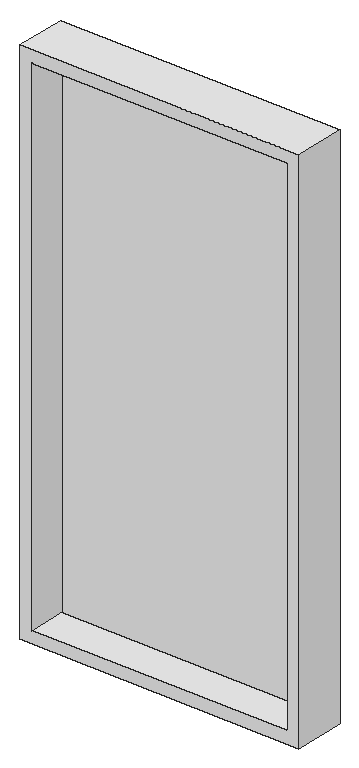
Revit family
Parameters (values of type "2100x1100 mm")
  프레임 = ""
  철물 = ""
  Assembly Code = ""
  유리/마감 = ""
  위치/개소 = ""
  부호 = "3/WD"
  문 틀 = 문 틀(2)
  문번호 = "3"
  문기호 = "WD"
  문 = 문(3)
  Height = 2100 mm
  Wall Closure = (empty or 0)
  Width = 1100 mm
Types (3, lengths in mm): name | 부호 | 문 틀 | 문번호 | Width
  2100x1100 mm | "3/WD" | 문 틀(2) | "3" | 1100
  2100x750 mm | "1/WD" | 문(3) | "1" | 750
  2100x900 mm | "2/WD" | 문 틀(2) | "2" | 900
Reference planes
  plane 1: y = 0
  plane 2 "중심(왼쪽/오른쪽)": x = 0
  plane 3 "왼쪽": x = -550
  plane 4 "오른쪽": x = 550
  plane 5: z = 2100
  plane 6 "외부": y = 100
  plane 7 "내부": y = -100
  plane 8: y = 50
  plane 9: x = -520
  plane 10: x = 520
  plane 11: x = -505
  plane 12: x = 505
  plane 13: x = -650
  plane 14: x = 650
  plane 15: z = 2400
  plane 16: z = -300
  plane 17: z = 1000
  plane 18: x = -245
Forms (mm)
  Sweep 1, solid, material "문 틀(2)" <- "문 틀"
    path origin (0, 100, 0) x (1, 0, 0) y (0, 0, 1)
      loop
        line (550, 0) -> (550, 2100) -> (-550, 2100) -> (-550, 0) -> (550, 0)
    profile origin (550, 100, 1050) x (-1, 0, 0) y (0, -1, 0)
      loop
        line (0, 0) -> (30, 0) -> (30, 50) -> (45, 50) -> (45, 200) -> (0, 200) -> (0, 0)
  Extrusion 2, solid, material "문(3)" <- "문"
    sketch origin (0, 0, 0) x (1, 0, 0) y (0, 1, 0)
      loop
        line (520, 100) -> (-520, 100) -> (-520, 50) -> (520, 50) -> (520, 100)
    from 0 to 2070
Lines and regions (mm)
  Opening 1
    outline origin (-3050, -100, 0) x (1, 0, 0) y (0, 0, 1)
      loop
        line (2500, 0) -> (3600, 0) -> (3600, 2100) -> (2500, 2100) -> (2500, 0)
  symbolic lines, style "평면 스윙"
    curve 1: line (-520, 100, 30) -> (520, 100, 1050)
    curve 2: line (520, 100, 1050) -> (-520, 100, 2070)
  symbolic lines, style "입면도 스윙"
    curve 3: line (520, 100, 0) -> (520, 1140.461, 0)
    curve 4: line (460, 100, 0) -> (460, 1140.461, 0)
    curve 5: line (460, 1140.461, 0) -> (520, 1140.461, 0)
    curve 6: arc (-516.592, 100, 0) -> (-234.892, 814.144, 0) -> (460, 1140.461, 0) r 1039.999
    curve 18: circle (-245, 100, 1000) r 25 normal (0, 1, 0)
  symbolic lines, style "DoorsOpeningProjection"
    curve 7: line (550, 100, -300) -> (550, 100, 2400)
    curve 8: line (-550, 100, 2400) -> (-550, 100, -300)
    curve 9: line (-650, 100, 0) -> (650, 100, 0)
    curve 10: line (650, 100, 2100) -> (-650, 100, 2100)
    curve 11: line (-555, 100, 2105) -> (-555, 100, 0)
    curve 12: line (-545, 100, 2095) -> (-545, 100, 5)
    curve 13: line (545, 100, 2095) -> (-545, 100, 2095)
    curve 14: line (555, 100, 2105) -> (-555, 100, 2105)
    curve 15: line (-545, 100, 5) -> (545, 100, 5)
    curve 16: line (545, 100, 5) -> (545, 100, 2095)
    curve 17: line (555, 100, 0) -> (555, 100, 2105)
  symbolic lines
    curve 19: line (-245, 100, 1070) -> (-245, 100, 930)
    curve 20: line (-495, 100, 1000) -> (-175, 100, 1000)
    curve 21: line (-550, 100, 0) -> (550, 100, 0)
Text (mm)
  text "외부" at (-2295.016, 1099.543, 0), in view "참조 레벨"
  text "외부" at (0, 1615.38, 3698.081), in view "왼쪽"
  text "외부" at (0, 1036.032, 3874.932), in view "오른쪽"
Dimensions and locks
  equal spacing: plane 3 "왼쪽", plane 2 "중심(왼쪽/오른쪽)", plane 4 "오른쪽"
  "Width": plane 3 "왼쪽" to plane 4 "오른쪽"
  "Height": plane 5 to host wall
  host wall to plane 5 = 2100 mm  (x2)
  locked: plane 6 "외부" to host wall at 0
  locked: plane 7 "내부" to host wall
  locked: Sweep 1 to plane 8 at 50
  locked: plane 8 to plane 6 "외부" at 50
  plane 3 "왼쪽" to plane 9 to plane 11 = 30 mm locked, 15 mm locked
  plane 12 to plane 10 to plane 4 "오른쪽" = 15 mm locked, 30 mm locked
  curve 16 to curve 7 to curve 17 = 5 mm locked, 5 mm locked
  locked: curve 9 to curve 15 at 5
  curve 13 to curve 10 to curve 14 = 5 mm locked, 5 mm locked
  curve 12 to curve 8 to curve 11 = 5 mm locked, 5 mm locked
  aligned and locked: plane 3 "왼쪽" to Opening 1 sketch curve
  aligned and locked: plane 5 to Opening 1 sketch curve  (x2)
  aligned and locked: Opening 1 sketch curve to plane 4 "오른쪽"
  aligned and locked: Opening 1 sketch curve to level
  aligned and locked: plane 1 to host wall
  aligned and locked: Sweep 1 sketch curve to plane 8
  aligned and locked: host wall to Sweep 1 sketch curve
  aligned and locked: Sweep 1 to Extrusion 2 sketch curve  (x2)
  aligned and locked: Extrusion 2 sketch curve to Sweep 1  (x2)
  aligned and locked: Extrusion 2 to Sweep 1
  aligned and locked: curve 8 to plane 3 "왼쪽"
  aligned and locked: plane 5 to curve 10
  aligned and locked: plane 4 "오른쪽" to curve 7
  aligned and locked: level to curve 9
  aligned and locked: plane 18 to curve 19
  aligned and locked: plane 17 to curve 20
  aligned and locked: plane 3 "왼쪽" to curve 21
  aligned and locked: plane 4 "오른쪽" to curve 21
  aligned and locked: plane 6 "외부" to curve 21
Automatic sketch dimensions
  Sweep 1 sketch curve to level = 0 mm
  Sweep 1 sketch curve to plane 3 "왼쪽" = 0 mm
  Sweep 1 sketch curve to plane 4 "오른쪽" = 0 mm
  Sweep 1 sketch curve to plane 5 = 0 mm
  Sweep 1 sketch curve to plane 6 "외부" = 0 mm
  Sweep 1 sketch curve to profile plane = 0 mm
  Sweep 1 sketch curve to profile plane = 30 mm
  Sweep 1 sketch curve to profile plane = 45 mm
  curve 2 to plane 9 = 0 mm
  curve 1 to plane 9 = 0 mm
  curve 1 to plane 10 = 0 mm
  level to curve 1 = 30 mm
  level to curve 2 = 1050 mm
  plane 5 to curve 2 = 30 mm
  curve 9 to plane 14 = 0 mm
  curve 10 to plane 14 = 0 mm
  curve 18 to plane 17 = 0 mm
  curve 18 to plane 18 = 0 mm
  curve 9 to plane 13 = 0 mm
  curve 10 to plane 13 = 0 mm
  curve 8 to plane 16 = 0 mm
  curve 7 to plane 16 = 0 mm
  curve 7 to plane 15 = 0 mm
  curve 8 to plane 15 = 0 mm
  plane 18 to curve 20 = 70 mm
  curve 20 to plane 11 = 10 mm
  curve 19 to curve 18 = 70 mm
  plane 17 to curve 19 = 70 mm
  curve 3 to plane 10 = 0 mm
  plane 12 to curve 6 = 45 mm
  curve 6 to plane 9 = 3.408 mm
  curve 6 to plane 10 = 3.404 mm
  host wall to curve 6 = 2.396 mm
  radius of curve 18 = 25 mm
